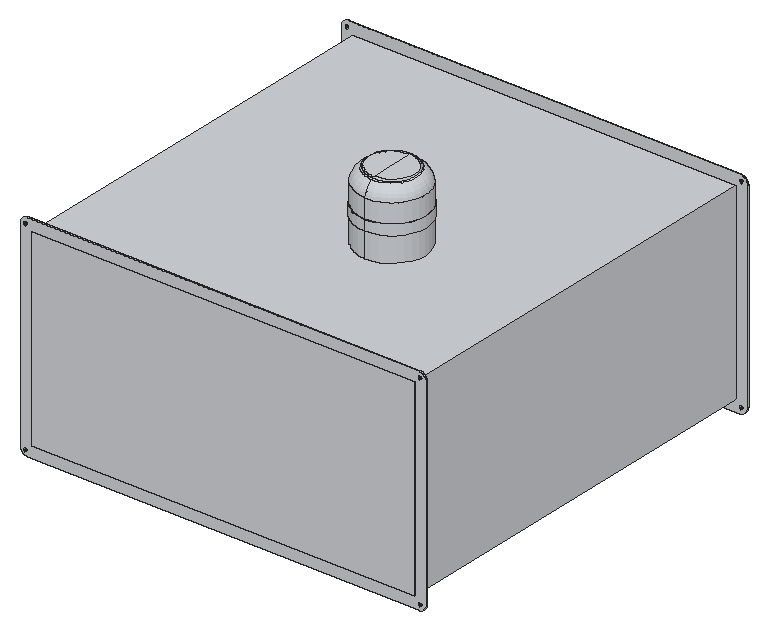
Revit family "BVN_BDKF-R", category Mechanical Equipment, Revit 2019
Family settings
  Round Connector Dimension = Use Diameter
  Part Type = Breaks Into
  OmniClass Number = 23.75.00.00
  OmniClass Title = Climate Control (HVAC)
  Work Plane-Based = No
  Always vertical = Yes
  Cut with Voids When Loaded = No
  Shared = No
  Room Calculation Point = No
Parameters (values of type "BDKF-R 560M")
  motor_y = 100 mm
  motor_x = 100 mm
  Weight = 91.00 kg
  Voltage = 230 V
  URL = "http://www.bahcivanmotor.com.tr/index.php"
  Speed ( d/d ) = 1420
  Sound Pressure Level dB(A) = 66
  Sac = -2 mm
  Protection Class = 55
  Power = 2200 W
  Model = "BDKF-R"
  Material = none
  Manufacturer = "Bahçıvan Elektrik Motor San. ve Tic. Ltd. Şti."
  Insulation Class = "F"
  G = 560 mm
  Frequency = 50 Hz
  F = 1060 mm
  E = 530 mm
  Description = "Duct Fan"
  D = 1030 mm
  Corners = 20 mm
  Capacitor = 50
  C = 1050 mm
  B = 1000 mm
  Air Flow = 10500.0 m³/h
  Current = 14.2 A
  A = 500 mm
  180 = yes
  150 = no
Types (12, lengths in mm): name | Weight | Voltage | Speed ( d/d ) | Sound Pressure Level dB(A) | Power | G | F | E | D | Capacitor | C | B | Air Flow | Current | A | 180 | 150
  BDKF-R 315M | 35.00 kg | 230 V | 1380 | 53 | 250 W | 400 | 650 | 370 | 620 | 10 | 760 | 600 | 2000.0 m³/h | 2.1 A | 350 | no | yes
  BDKF-R 355M | 36.00 kg | 230 V | 1380 | 58 | 25 W | 400 | 650 | 370 | 620 | 10 | 760 | 600 | 3000.0 m³/h | 2.1 A | 350 | no | yes
  BDKF-R 400M | 49.00 kg | 230 V | 1390 | 56 | 370 W | 450 | 750 | 420 | 720 | 15 | 800 | 700 | 4100.0 m³/h | 3.4 A | 400 | no | yes
  BDKF-R 450M | 52.00 kg | 230 V | 1395 | 58 | 550 W | 450 | 750 | 420 | 720 | 20 | 800 | 700 | 5500.0 m³/h | 4.5 A | 400 | yes | no
  BDKF-R 500M | 74.00 kg | 230 V | 1410 | 64 | 1100 W | 560 | 850 | 520 | 820 | 35 | 920 | 800 | 8100.0 m³/h | 7.5 A | 500 | yes | no
  BDKF-R 560M | 91.00 kg | 230 V | 1420 | 66 | 2200 W | 560 | 1060 | 530 | 1030 | 50 | 1050 | 1000 | 10500.0 m³/h | 14.2 A | 500 | yes | no
  BDKF-R 315T | 35.00 kg | 380 V | 1380 | 53 | 250 W | 400 | 650 | 370 | 620 | 0 | 760 | 600 | 2000.0 m³/h | 0.87 A | 350 | no | yes
  BDKF-R 355T | 36.00 kg | 380 V | 1380 | 58 | 25 W | 400 | 650 | 370 | 620 | 0 | 760 | 600 | 3000.0 m³/h | 0.87 A | 350 | no | yes
  BDKF-R 400T | 49.00 kg | 380 V | 1390 | 56 | 370 W | 450 | 750 | 420 | 720 | 0 | 800 | 700 | 4100.0 m³/h | 1.2 A | 400 | no | yes
  BDKF-R 450T | 52.00 kg | 380 V | 1395 | 58 | 550 W | 450 | 750 | 420 | 720 | 0 | 800 | 700 | 5500.0 m³/h | 1.6 A | 400 | yes | no
  BDKF-R 500T | 74.00 kg | 380 V | 1410 | 64 | 1100 W | 560 | 850 | 520 | 820 | 0 | 920 | 800 | 8100.0 m³/h | 2.6 A | 500 | yes | no
  BDKF-R 560T | 91.00 kg | 380 V | 1420 | 66 | 2200 W | 560 | 1060 | 530 | 1030 | 50 | 1050 | 1000 | 10500.0 m³/h | 4.9 A | 500 | yes | no
Reference planes
  plane 1 "Center (Front/Back)": y = 0
  plane 2: z = 0
  plane 3 "Center (Left/Right)": x = 0
  plane 4 "ust": z = 250
  plane 5 "alt": z = -250
  plane 6: x = -500
  plane 7: x = 500
  plane 8: y = 525
  plane 9: y = -525
  plane 10: z = 280
  plane 11: z = -280
  plane 12: x = 530
  plane 13: x = -530
  plane 14 "Motor": y = -100
  plane 15 "motor": x = 100
Forms (mm)
  Extrusion 1, solid, material <- "Material"
    sketch origin (0, 0, 0) x (1, 0, 0) y (0, 0, 1)
      loop
        line (-500, 250) -> (-500, -250) -> (500, -250) -> (500, 250) -> (-500, 250)
    from -525 to 525
  Extrusion 2, solid, material <- "Material"
    sketch origin (0, -525, 0) x (1, 0, 0) y (0, 0, 1)
      loop
        arc (-510, 280) -> (-524.142, 274.142) -> (-530, 260) r 20
        line (-530, 260) -> (-530, -260)
        arc (-530, -260) -> (-524.142, -274.142) -> (-510, -280) r 20
        line (-510, -280) -> (510, -280)
        arc (510, -280) -> (524.142, -274.142) -> (530, -260) r 20
        line (530, -260) -> (530, 260)
        arc (530, 260) -> (524.142, 274.142) -> (510, 280) r 20
        line (510, 280) -> (-510, 280)
    from 0 to -2 <- "Sac"
  Extrusion 3, solid, material <- "Material"
    sketch origin (0, 525, 0) x (-1, 0, 0) y (0, 0, 1)
      loop
        arc (-510, 280) -> (-524.142, 274.142) -> (-530, 260) r 20
        line (-530, 260) -> (-530, -260)
        arc (-530, -260) -> (-524.142, -274.142) -> (-510, -280) r 20
        line (-510, -280) -> (510, -280)
        arc (510, -280) -> (524.142, -274.142) -> (530, -260) r 20
        line (530, -260) -> (530, 260)
        arc (530, 260) -> (524.142, 274.142) -> (510, 280) r 20
        line (510, 280) -> (-510, 280)
    from 0 to -2 <- "Sac"
  Extrusion 4, void
    sketch origin (0, 0, 0) x (1, 0, 0) y (0, 0, 1)
      loop
        circle (-515, 265) r 5
      loop
        circle (-515, -265) r 5
      loop
        circle (515, -265) r 5
      loop
        circle (515, 265) r 5
    from -1002.988 to 1152.151
  Revolve 5, solid, visible <- "150"
    sketch origin (100, 0, 0) x (0, 0, 1) y (0, -1, 0)
      loop
        line (250, 177.765) -> (250, 100) -> (400.02, 100) -> (400.02, 154.801)
        arc (400.02, 154.801) -> (399.494, 156.283) -> (398.151, 157.101) r 2.35
        arc (398.151, 157.101) -> (397.61, 157.281) -> (397.123, 157.579) r 2.5
        line (397.123, 157.579) -> (371.663, 177.47)
        arc (371.663, 177.47) -> (370.938, 177.864) -> (370.124, 178) r 2.5
        line (370.124, 178) -> (322.595, 178) -> (322.595, 180) -> (319.5, 180) -> (292.5, 180) -> (292.5, 177.765) -> (250, 177.765)
      axis (250, 100) -> (400.02, 100)
    angle from 0 to 360
  Revolve 6, solid, visible <- "180"
    sketch origin (100, 0, -288.292) x (0, 0, 1) y (0, -1, 0)
      loop
        line (679.951, 187.999) -> (631.092, 187.999) -> (631.092, 190) -> (604.092, 190) -> (604.092, 187.696) -> (538.292, 187.696) -> (538.292, 100) -> (718.092, 100) -> (718.092, 159.778)
        arc (718.092, 159.778) -> (717.473, 161.406) -> (715.928, 162.212) r 2.451
        arc (715.928, 162.212) -> (714.175, 163.103) -> (712.962, 164.65) r 4.548
        arc (712.962, 164.65) -> (699.487, 180.61) -> (679.951, 187.999) r 41.56
      axis (538.292, 100) -> (718.092, 100)
    angle from 0 to 360
Cuts and joins
  Extrusion 4 cuts Extrusion 2
  Extrusion 4 cuts Extrusion 3
Dimensions and locks
  equal spacing: plane 7, plane 3 "Center (Left/Right)", plane 6
  "B": plane 7 to plane 6
  equal spacing: plane 4 "ust", level, plane 5 "alt"
  "A": plane 4 "ust" to plane 5 "alt"
  equal spacing: plane 8, plane 1 "Center (Front/Back)", plane 9
  "C": plane 8 to plane 9
  equal spacing: plane 12, plane 3 "Center (Left/Right)", plane 13
  "F": plane 12 to plane 13
  equal spacing: plane 10, level, plane 11
  "G": plane 10 to plane 11
  "D": Extrusion 4 sketch curve to Extrusion 4 sketch curve  (x2)
  equal spacing: Extrusion 4 sketch curve, plane 3 "Center (Left/Right)", Extrusion 4 sketch curve  (x2)
  equal spacing: Extrusion 4 sketch curve, level, Extrusion 4 sketch curve  (x2)
  "E": Extrusion 4 sketch curve to Extrusion 4 sketch curve  (x2)
  "motor_y": plane 3 "Center (Left/Right)" to plane 15 "motor"
  "motor_x": plane 1 "Center (Front/Back)" to plane 14 "Motor"
  "Corners": radius of Extrusion 2 sketch curve  (x4)
  "Corners": radius of Extrusion 3 sketch curve  (x4)
  radius of cut or joined group of Extrusion 2, Extrusion 4 = 5 mm  (x3)
  diameter of cut or joined group of Extrusion 3, Extrusion 4 = 10 mm
  aligned and locked: level to plane 2
  aligned and locked: Extrusion 1 to plane 7
  aligned and locked: Extrusion 1 to plane 5 "alt"
  aligned and locked: Extrusion 1 to plane 6
  aligned and locked: Extrusion 1 to plane 4 "ust"
  aligned and locked: plane 8 to Extrusion 1
  aligned and locked: Extrusion 1 to plane 9
  aligned and locked: Extrusion 2 sketch curve to plane 10
  aligned and locked: plane 13 to Extrusion 2 sketch curve
  aligned and locked: Extrusion 2 sketch curve to plane 11
  aligned and locked: Extrusion 2 sketch curve to plane 12
  aligned and locked: Extrusion 2 to Extrusion 3 sketch curve  (x4)
  aligned and locked: Revolve 5 sketch curve to plane 14 "Motor"
  aligned and locked: plane 14 "Motor" to Revolve 6 sketch curve
  aligned and locked: Revolve 6 to plane 4 "ust"
Automatic sketch dimensions
  plane 6 to Extrusion 1 sketch curve = 0 mm
  Extrusion 1 sketch curve to plane 7 = 0 mm
  plane 5 "alt" to Extrusion 1 sketch curve = 0 mm
  Extrusion 1 sketch curve to plane 4 "ust" = 0 mm
  Revolve 5 sketch curve to plane 4 "ust" = 0 mm
  plane 4 "ust" to Revolve 5 sketch curve = 42.5 mm
  Revolve 5 sketch curve to Revolve 5 sketch curve = 27 mm
  Revolve 5 sketch curve to Revolve 5 sketch curve = 3.095 mm
  Revolve 5 sketch curve to Revolve 5 sketch curve = 47.529 mm
  Revolve 5 sketch curve to Revolve 5 sketch curve = 1.539 mm  (x2)
  Revolve 5 sketch curve to plane 14 "Motor" = 57.579 mm
  Revolve 5 sketch curve to Revolve 5 sketch curve = 25.46 mm
  Revolve 5 sketch curve to Revolve 5 sketch curve = 0.547 mm
  Revolve 5 sketch curve to plane 14 "Motor" = 0 mm
  Revolve 5 sketch curve to Revolve 5 sketch curve = 2.35 mm
  Revolve 5 sketch curve to Revolve 5 sketch curve = 2.777 mm
  Revolve 5 sketch curve to Revolve 5 sketch curve = 1.97 mm  (x2)
  Revolve 5 sketch curve to Revolve 5 sketch curve = 17.921 mm
  Revolve 5 sketch curve to Revolve 5 sketch curve = 0.235 mm
  Revolve 5 sketch curve to Revolve 5 sketch curve = 2.235 mm
  Revolve 5 sketch curve to plane 5 "alt" = 240.804 mm
  Revolve 5 sketch curve to Revolve 5 sketch curve = 2088.38 mm
  Revolve 6 sketch curve to plane 14 "Motor" = 0 mm
  plane 4 "ust" to Revolve 6 sketch curve = 0 mm
  Revolve 6 sketch curve to Revolve 6 sketch curve = 65.8 mm
  Revolve 6 sketch curve to Revolve 6 sketch curve = 44.396 mm
  Revolve 6 sketch curve to Revolve 6 sketch curve = 4.464 mm
  Revolve 6 sketch curve to Revolve 6 sketch curve = 40.154 mm
  Revolve 6 sketch curve to Revolve 6 sketch curve = 1.422 mm
  Revolve 6 sketch curve to Revolve 6 sketch curve = 2.451 mm
  Revolve 6 sketch curve to plane 14 "Motor" = 46.679 mm
  Revolve 6 sketch curve to Revolve 6 sketch curve = 13.099 mm
  Revolve 6 sketch curve to Revolve 6 sketch curve = 6.838 mm
  Revolve 6 sketch curve to Revolve 6 sketch curve = 41.32 mm
  Revolve 6 sketch curve to Revolve 6 sketch curve = 20 mm
  Revolve 6 sketch curve to Revolve 6 sketch curve = 0 mm  (x2)
  Revolve 6 sketch curve to Revolve 6 sketch curve = 27 mm
  Revolve 6 sketch curve to Revolve 6 sketch curve = 2.001 mm
  Revolve 6 sketch curve to Revolve 6 sketch curve = 0.304 mm
  radius of Extrusion 4 sketch curve = 5 mm  (x4)
Connectors
  hvac at (0, 525, 0), driven by "A", driven by "B", driven by "Air Flow"
    settings: on Extrusion 1, index 1, duct flow 10500.0 m³/h, flow factor 0, pres drop 0.0 Pa, loss coef 0, conn angle 0.00°, conn width 1000 mm, conn height 500 mm, conn diameter 609.6 mm, duct sys type 29, conn prof type 1, flow config 0, flow direction 0, loss method 0, conn ref index -1, conn util no, is conn primary yes, conn desc ""
  hvac at (0, -525, 0), driven by "A", driven by "B", driven by "Air Flow"
    settings: on Extrusion 1, index 2, duct flow 10500.0 m³/h, flow factor 0, pres drop 0.0 Pa, loss coef 0, conn angle 0.00°, conn width 1000 mm, conn height 500 mm, conn diameter 609.6 mm, duct sys type 29, conn prof type 1, flow config 0, flow direction 0, loss method 0, conn ref index -1, conn util no, is conn primary no, conn desc ""
  electrical at (100, -100, 315.8)
    settings: on Revolve 6, index 3, voltage 0 V, apparent load 0 VA, apparent load phase1 0 VA, apparent load phase2 0 VA, apparent load phase3 0 VA, power factor 1, load classification "Other", number of poles 1, system type 31, power factor state 1, is connector primary yes, connector utility no, sub classification motor no, connector description ""
